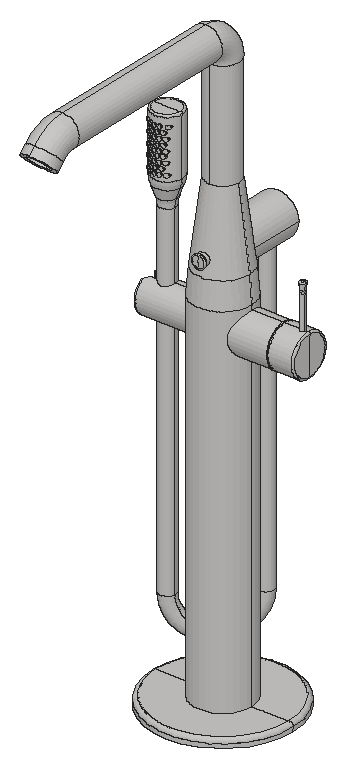
Revit family "PlumbingFixture_GroheLimited_EssenceSingleLeverBathShowerMixer_23491001_METRIC1", category Plumbing Fixtures, host Face, Revit 2015
Parameters (values of type "23491001")
  _DistributedBy = "www.bimstore.co.uk"
  _CurrentRevision = 1
  _CreatedBy = "www.bimstore.co.uk"
  _BimSpecGuid = 0
  _BSBibleVersion = 14
  _AuthorizedBy = "Kris Atkinson"
  _Author = "Ryan Lashley"
  Waste Connection = no
  WarrantyStartDate [instance] = "Please Record On Commissioning."
  WarrantyGuarantorParts = "info-uk@grohe.com"
  WarrantyGuarantorLabor = "info-uk@grohe.com"
  WarrantyDurationUnit = "Years"
  WarrantyDurationParts = "n/a"
  WarrantyDurationLabor = "n/a"
  WarrantyDescription = "n/a"
  WFU = 0
  Vent Connection = no
  URL = "www.grohe.com"
  TypeName = "Essence Single-lever bath/shower mixer 1/2\""
  Type Comments = "23491001"
  SpareParts = "n/a"
  Size = "n/a"
  Shape = "n/a"
  SerialNumber [instance] = "Please Record On Commissioning."
  ReplacementCost = "n/a"
  ReferencedStandard = "n/a"
  ProductionYear = "2017"
  ProductPageURL = "https://www.grohe.co.uk/en_gb/essence-single-lever-bath-shower-mixer-1-2-23491001.html"
  ProductDocumentationLink = "https://www.grohe.co.uk/en_gb/essence-single-lever-bath-shower-mixer-1-2-23491001.html"
  PrimaryMaterial = GroheLimited-Chorme
  PipeMaterial = GroheLimited-Pipework
  PercentageOfRecycledContent = "n/a"
  NominalLength = 0 mm
  NominalHeight = 0 mm
  NominalDepth = 0 mm
  NBSReference = "45-35-70/345"
  NBSOfficeMasterTag = "n/a"
  NBSObjectName = "Grohe Limited - Water supply fittings for sinks"
  NBSNote = ""
  NBSDescription = "Water supply fittings for sinks"
  ModelReference = "Essence Single-lever bath/shower mixer 1/2\""
  ModelNumber = "23491001"
  Model = "Essence Single-lever bath/shower mixer 1/2\""
  Material = "Chrome"
  MasterformatTitle = "Sanitary Facilities"
  MasterformatNumber = "01 52 19"
  ManufacturerName = "Grohe Limited"
  Manufacturer = "Grohe Limited"
  LowEmittingMaterial = no
  LEEDCredit = "n/a"
  Keynote = "N13"
  InstallationDate [instance] = "Please Record On Commissioning."
  IndustryStandards = "n/a"
  IfcExportType = "IfcPipeFittingType"
  IfcExportAs = "IfcPipeFitting"
  HotWaterConnectionDiameter = 10 mm
  HWFU = 4.5
  HW Connection = yes
  Grade = "n/a"
  Finish = "Chrome"
  Features = "This floor-mounted bath tap is a perfect match for your free-standing bathtub. Crafted in the cylindrical shapes characteristic of the GROHE Essence range, it is finished in lustrous GROHE StarLight chrome. It comes complete with a hand shower wall mount, the GROHE Euphoria Cosmopolitan Stick hand shower (27400000) and the GROHE Silverflex 1250 mm shower hose (28362000). Engineered with the GROHE SilkMove technology, this single-lever mixer allows you to control water volume and temperature smoothly and effortlessly. The spout can be set to swivel in a range of up to 360° and the SpeedClean nozzles are easy to clean. The spray angle of the bath spout can be adjusted conveniently with the integrated GROHE AquaGuide."
  ExpectedLife = 0
  Ecojoy = no
  DurationUnit = "Years"
  DocumentationTechnical = "n/a"
  DocumentationMaintenance = "n/a"
  DocumentationLiterature = "n/a"
  DocumentationInstallationGuide = "n/a"
  DocumentationCertificates = "n/a"
  Description = "This floor-mounted bath tap is a perfect match for your free-standing bathtub. Crafted in the cylindrical shapes characteristic of the GROHE Essence range, it is finished in lustrous GROHE StarLight chrome. It comes complete with a hand shower wall mount, the GROHE Euphoria Cosmopolitan Stick hand shower (27400000) and the GROHE Silverflex 1250 mm shower hose (28362000). Engineered with the GROHE SilkMove technology, this single-lever mixer allows you to control water volume and temperature smoothly and effortlessly. The spout can be set to swivel in a range of up to 360° and the SpeedClean nozzles are easy to clean. The spray angle of the bath spout can be adjusted conveniently with the integrated GROHE AquaGuide."
  Default Elevation = 0 mm
  CreatedOn = "2017-06-01T09:00:00"
  CreatedBy = "info-uk@grohe.com"
  Cost = 0
  Constituents = "n/a"
  Color = "Chrome"
  ColdWaterConnectionDiameter = 10 mm
  CodePerformance = "n/a"
  ClassificationValue = "Pr_40_20_87_82"
  ClassificationName = "Uniclass2015"
  CWFU = 4.5
  CW Connection = yes
  BarCode [instance] = "Please Record On Commissioning."
  BIMObjectName = "PlumbingFixture_GroheLimited_EssenceSingleLeverBathShowerMixer_23491001_METRIC"
  AssetType = "Fixed"
  AssetIdentifier [instance] = "Please Record On Commissioning."
  Assembly Code = "D2010"
  AccessibilityPerformance = "n/a"
  ADACompliant = no
Types (10, lengths in mm): name | Type Comments | PrimaryMaterial | ModelNumber | Material | Finish | Color
  (no name) | "23491001" | GroheLimited-Chorme | "23491001" | "Chrome" | "Chrome" | "Chrome"
  23491001 | "23491001" | GroheLimited-Chorme | "23491001" | "Chrome" | "Chrome" | "Chrome"
  23491A01 | "23491A01" | GroheLimited-HardGraphite | "23491A01" | "Hard Graphite" | "Hard Graphite" | "Hard Graphite"
  23491AL1 | "23491AL1" | GroheLimited-BrushedHardGraphite | "23491AL1" | "Brushed Hard Graphite" | "Brushed Hard Graphite" | "Brushed Hard Graphite"
  23491EN1 | "23491EN1" | GroheLimited-BrushedNickel | "23491EN1" | "Brushed Nickel" | "Brushed Nickel" | "Brushed Nickel"
  23491BE1 | "23491BE1" | GroheLimited-Nickel | "23491BE1" | "Nickel" | "Nickel" | "Nickel"
  23491DA1 | "23491DA1" | GroheLimited-WarmSunset | "23491DA1" | "Warm Sunset" | "Warm Sunset" | "Warm Sunset"
  23491DL1 | "23491DL1" | GroheLimited-BrushedWarmSunset | "23491DL1" | "Brushed Warm Sunset" | "Brushed Warm Sunset" | "Brushed Warm Sunset"
  23491GL1 | "23491GL1" | GroheLimited-CoolSunrise | "23491GL1" | "Cool Sunrise" | "Cool Sunrise" | "Cool Sunrise"
  23491GN1 | "23491GN1" | GroheLimited-BrushedCoolSunrise | "23491GN1" | "Brushed Cool Sunrise" | "Brushed Cool Sunrise" | "Brushed Cool Sunrise"
Reference planes
  plane 1 "Center (Front/Back)": y = 0
  plane 2: z = 0
  plane 3 "Center (Left/Right)": x = 0
  plane 4: z = 0
  plane 5: z = 10
  plane 6: z = 570
  plane 7: z = 740
  plane 8: y = -277
  plane 9: y = 65
  plane 10: x = -66.697
Forms (mm)
  Sweep 1, solid, material "GroheLimited-Pipework" <- "PipeMaterial"
    path in 3D
      loop
        line (6.735, 0, 0) -> (6.735, 0, -22.649)
    profile origin (6.735, 0, -11.324) x (0, -1, 0) y (1, 0, 0)
      loop
        circle (0, 0) r 4.75
  Sweep 2, solid, material "GroheLimited-Pipework" <- "PipeMaterial"
    path in 3D
      loop
        line (-6.39, 0, 0) -> (-6.39, 0, -22.649)
    profile origin (-6.39, 0, -11.324) x (0, -1, 0) y (1, 0, 0)
      loop
        circle (0, 0) r 4.75
  Extrusion 3, solid, material "GroheLimited-Chorme" <- "PrimaryMaterial"
    sketch origin (-162.419, 0, 375.159) x (1, 0, 0) y (0, 0, 1)
      loop
        circle (87.401, 228.48) r 2.185
      loop
        circle (93.064, 228.48) r 2.185
      loop
        circle (98.651, 228.48) r 2.185
      loop
        circle (104.314, 228.48) r 2.185
      loop
        circle (83.75, 221.706) r 2.185
      loop
        circle (89.413, 221.706) r 2.185
      loop
        circle (95, 221.706) r 2.185
      loop
        circle (100.663, 221.706) r 2.185
      loop
        circle (106.326, 221.706) r 2.185
      loop
        circle (87.401, 215.155) r 2.185
      loop
        circle (93.064, 215.155) r 2.185
      loop
        circle (98.651, 215.155) r 2.185
      loop
        circle (104.314, 215.155) r 2.185
      loop
        circle (83.75, 208.381) r 2.185
      loop
        circle (89.413, 208.381) r 2.185
      loop
        circle (95, 208.381) r 2.185
      loop
        circle (100.663, 208.381) r 2.185
      loop
        circle (106.326, 208.381) r 2.185
      loop
        circle (87.401, 202.833) r 2.185
      loop
        circle (93.064, 202.833) r 2.185
      loop
        circle (98.651, 202.833) r 2.185
      loop
        circle (104.314, 202.833) r 2.185
      loop
        circle (83.75, 196.059) r 2.185
      loop
        circle (89.413, 196.059) r 2.185
      loop
        circle (95, 196.059) r 2.185
      loop
        circle (100.663, 196.059) r 2.185
      loop
        circle (106.326, 196.059) r 2.185
      loop
        circle (85.526, 189.508) r 2.185
      loop
        circle (91.189, 189.508) r 2.185
      loop
        circle (96.776, 189.508) r 2.185
      loop
        circle (102.752, 189.508) r 2.185
      loop
        circle (83.75, 182.734) r 2.185
      loop
        circle (89.413, 182.734) r 2.185
      loop
        circle (95, 182.734) r 2.185
      loop
        circle (100.663, 182.734) r 2.185
      loop
        circle (106.951, 182.734) r 2.185
      loop
        circle (83.75, 235.031) r 2.185
      loop
        circle (89.413, 235.031) r 2.185
      loop
        circle (95, 235.031) r 2.185
      loop
        circle (100.663, 235.031) r 2.185
      loop
        circle (108.201, 235.031) r 2.185
    from 5.153 to 19.71
  Extrusion 4, void
    sketch origin (-161.519, 55.144, 531.215) x (0, 1, 0) y (-1, 0, 0)
      loop
        line (-67.103, -80.148) -> (-75.765, -80.148) -> (-75.765, -110.148) -> (-66.16, -110.148)
        arc (-66.16, -110.148) -> (-74.037, -95.38) -> (-67.103, -80.148) r 18.903
    from 19.08 to 86.285
  Revolve 5, solid, material "GroheLimited-Chorme" <- "PrimaryMaterial"
    sketch origin (-161.697, 0, 402.441) x (1, 0, 0) y (0, 0, 1)
      loop
        line (95, 219.75) -> (95, 27.559) -> (104.527, 27.559) -> (104.527, 114.416)
        arc (104.527, 114.416) -> (104.983, 119.625) -> (106.336, 124.676) r 30
        line (106.336, 124.676) -> (111.191, 138.014)
        arc (111.191, 138.014) -> (112.544, 143.065) -> (113, 148.275) r 30
        line (113, 148.275) -> (113, 217.75)
        arc (113, 217.75) -> (112.414, 219.164) -> (111, 219.75) r 2
        line (111, 219.75) -> (95, 219.75)
      axis (95, 219.75) -> (95, 27.559)
    angle from 0 to 360
  Revolve 6, solid, material "GroheLimited-Chorme" <- "PrimaryMaterial"
    sketch origin (0, 0, 0) x (1, 0, 0) y (0, 0, 1)
      loop
        line (0, 586.957) -> (0, 0) -> (85, 0) -> (85, 5)
        arc (85, 5) -> (83.536, 8.536) -> (80, 10) r 5
        line (80, 10) -> (35, 10) -> (35, 443.333)
        arc (35, 443.333) -> (34.29, 459.301) -> (32.167, 475.143) r 180
        line (32.167, 475.143) -> (17.283, 586.957) -> (0, 586.957)
      axis (0, 586.957) -> (0, 0)
    angle from 0 to 360
  Sweep 7, solid, material "GroheLimited-Chorme" <- "PrimaryMaterial"
    path in 3D
      loop
        line (0, 0, 510) -> (0, 0, 700)
        arc (0, 0, 700) -> (0, -7.322, 717.678) -> (0, -25, 725) r 25
        line (0, -25, 725) -> (0, -240.848, 725)
        arc (0, -240.848, 725) -> (0, -256.156, 721.955) -> (0, -269.133, 713.284) r 40
        line (0, -269.133, 713.284) -> (0, -277, 705.417)
    profile origin (0, 0, 605) x (0, -1, 0) y (1, 0, 0)
      loop
        circle (0, 0) r 19.5
  Extrusion 8, solid, material "GroheLimited-Chorme" <- "PrimaryMaterial"
    sketch origin (0, 0, 0) x (1, 0, 0) y (0, 0, 1)
      loop
        circle (0, 493.636) r 25
    from -82.952 to 0
  Revolve 9, solid, material "GroheLimited-Chorme" <- "PrimaryMaterial"
    sketch origin (0, 0, -40) x (1, 0, 0) y (0, 0, 1)
      loop
        line (0, 478.298) -> (0, 474.913) -> (-88, 474.913)
        arc (-88, 474.913) -> (-89.414, 474.327) -> (-90, 472.913) r 2
        line (-90, 472.913) -> (-90, 453.298) -> (105, 453.298) -> (105, 476.298)
        arc (105, 476.298) -> (104.414, 477.712) -> (103, 478.298) r 2
        line (103, 478.298) -> (74.888, 478.298)
        arc (74.888, 478.298) -> (74.521, 478.117) -> (74.441, 477.715) r 0.463
        line (74.441, 477.715) -> (74.83, 476.984) -> (73.845, 477.969)
        arc (73.845, 477.969) -> (73.48, 478.212) -> (73.05, 478.298) r 1.124
        line (73.05, 478.298) -> (0, 478.298)
      axis (105, 453.298) -> (-90, 453.298)
    angle from 0 to 360
  Revolve 10, solid, material "GroheLimited-Chorme" <- "PrimaryMaterial"
    sketch origin (0, 0, -40) x (1, 0, 0) y (0, 0, 1)
      loop
        line (96.757, 472.867) -> (99.395, 472.867) -> (99.395, 519.021)
        arc (99.395, 519.021) -> (99.44, 520.748) -> (99.576, 522.47) r 33
        line (99.576, 522.47) -> (100.324, 529.591)
        arc (100.324, 529.591) -> (100.073, 530.365) -> (99.33, 530.696) r 1
        line (99.33, 530.696) -> (96.757, 530.696) -> (96.757, 472.867)
      axis (96.757, 472.867) -> (96.757, 530.696)
    angle from 0 to 360
  Extrusion 11, void
    sketch origin (0, 47.019, 153.7) x (0, 1, 0) y (-1, 0, 0)
      loop
        line (-37.492, 88.934) -> (-37.492, 90.814) -> (-56.546, 90.814) -> (-56.546, 88.934)
        arc (-56.546, 88.934) -> (-56.306, 87.985) -> (-55.645, 87.264) r 2
        arc (-55.645, 87.264) -> (-51.542, 80.623) -> (-53.975, 73.206) r 9.257
        arc (-53.975, 73.206) -> (-47.019, 57.17) -> (-40.063, 73.206) r 9.527
        arc (-40.063, 73.206) -> (-42.496, 80.623) -> (-38.392, 87.264) r 9.257
        arc (-38.392, 87.264) -> (-37.731, 87.985) -> (-37.492, 88.934) r 2
    from 232.323 to 284.598
  Sweep 12, solid, material "GroheLimited-Chorme" <- "PrimaryMaterial"
    path in 3D
      loop
        line (-66.697, 0, 430) -> (-66.697, 0, 98.606)
        arc (-66.697, 0, 98.606) -> (-33.348, 32.5, 52.041) -> (0, 65, 98.606) r 46.566
        line (0, 65, 98.606) -> (0, 65, 488.636)
    profile origin (-66.697, 0, 264.303) x (1, 0, 0) y (0, 1, 0)
      loop
        circle (0, 0) r 9.527
  Sweep 13, void
    path in 3D
      loop
        line (0, -269.133, 713.284) -> (0, -277, 705.417)
    profile origin (0, -273.066, 709.351) x (0, 0.707107, -0.707107) y (1, 0, 0)
      loop
        circle (0, 0) r 15
  Revolve 14, solid, material "GroheLimited-Chorme" <- "PrimaryMaterial"
    sketch origin (0, 0, 0) x (0, 1, 0) y (0, 0, 1)
      loop
        line (-19.837, 500.896) -> (-33.837, 500.896)
        arc (-33.837, 500.896) -> (-34.508, 501.054) -> (-35.037, 501.496) r 1.5
        arc (-35.037, 501.496) -> (-36.154, 501.845) -> (-36.837, 500.896) r 1
        line (-36.837, 500.896) -> (-36.837, 493.636) -> (-19.837, 493.636) -> (-19.837, 500.896)
      axis (-19.837, 493.636) -> (-36.837, 493.636)
    angle from 0 to 360
Cuts and joins
  Extrusion 4 cuts Extrusion 3
  Sweep 13 cuts Sweep 7
  Extrusion 11 cuts Revolve 9
  joined: Extrusion 3, Revolve 5, Revolve 6, Sweep 7, Extrusion 8, Revolve 9, Revolve 10, Sweep 12, Revolve 14
Lines and regions (mm)
  sketch lines
    curve 1: line (6.735, 0, 0) -> (6.735, 0, -22.649)
    curve 2: line (-6.39, 0, 0) -> (-6.39, 0, -22.649)
    curve 3: line (0, 0, 510) -> (0, 0, 700)
    curve 4: arc (0, 0, 700) -> (0, -7.322, 717.678) -> (0, -25, 725) r 25
    curve 5: line (0, -25, 725) -> (0, -240.848, 725)
    curve 6: arc (0, -240.848, 725) -> (0, -256.156, 721.955) -> (0, -269.133, 713.284) r 40
    curve 7: line (0, -269.133, 713.284) -> (0, -277, 705.417)
    curve 8: line (-66.697, 0, 430) -> (-66.697, 0, 98.606)
    curve 9: arc (0, 65, 98.606) -> (-33.348, 32.5, 52.041) -> (-66.697, 0, 98.606) r 46.566
    curve 10: line (0, 65, 488.636) -> (0, 65, 98.606)
    curve 11: line (0, -269.133, 713.284) -> (0, -277, 705.417)
Dimensions and locks
  Revolve 6 sketch curve to host face = 443.333 mm
  plane 6 to host face = 570 mm
  plane 7 to host face = 740 mm
  aligned and locked: plane 2 to host face
  aligned and locked: level to host face
  aligned and locked: Revolve 6 sketch curve to plane 3 "Center (Left/Right)"  (x2)
Connectors
  piping at (-6.39, 0, -22.649), diameter 10, driven by "HotWaterConnectionDiameter", driven by "HWFU"
    settings: on Sweep 2, index 1, connector inside diameter 24", connector length 0 mm, flow factor 0, pipe flow 0 GPM, pressure drop 0.00 psi, fitting loss kfactor 0, connector angle 0.00°, fixture units 4.5, engagement length 0 mm, angle of deflection 0.00°, flow configuration 3, flow direction 1, fitting loss method 4, system type 19, joint type 0, gender type 0, connector reference index -1, connector utility 0, adjustable connector no, is connector primary yes, connector description ""
  piping at (6.735, 0, -22.649), diameter 10, driven by "ColdWaterConnectionDiameter", driven by "HWFU"
    settings: on Sweep 1, index 2, connector inside diameter 24", connector length 0 mm, flow factor 0, pipe flow 0 GPM, pressure drop 0.00 psi, fitting loss kfactor 0, connector angle 0.00°, fixture units 4.5, engagement length 0 mm, angle of deflection 0.00°, flow configuration 3, flow direction 1, fitting loss method 4, system type 20, joint type 0, gender type 0, connector reference index -1, connector utility 0, adjustable connector no, is connector primary no, connector description ""
